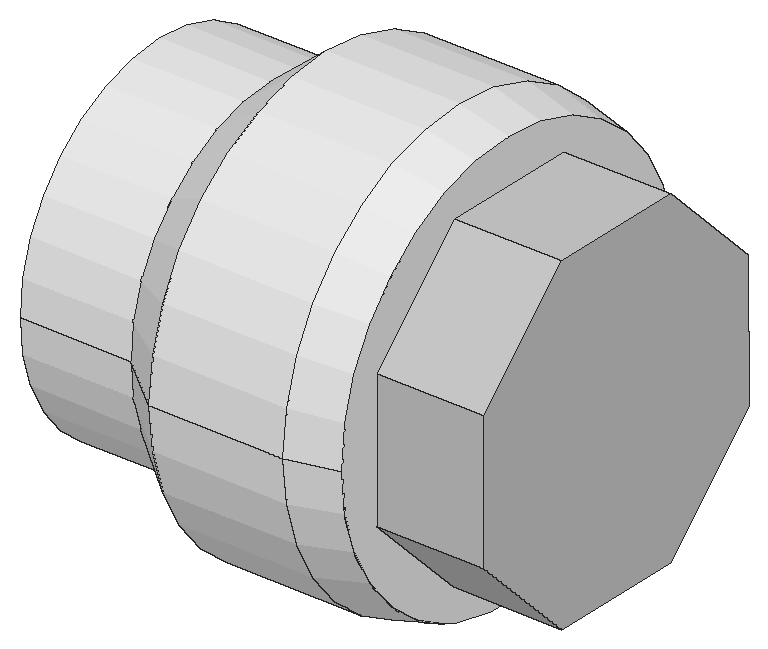
Revit family "PF_Переход [фитинг полипропиленовый - под ключ с переходом на внутреннюю резьбу VTp.706.0]1 - VALTEC", category Соединительные детали трубопроводов, Revit 2019
Family settings
  Размер круглого соединителя = Использовать диаметр
  Тип детали = Переход
  На основе рабочей плоскости = Нет
  Всегда вертикально = Да
  При загрузке вырезать с полостями = Нет
  Общий = Нет
Parameters (values of type "VTp.706.0")
  Таблица = "PF_Переход [фитинг полипропиленовый - под ключ с переходом на внутреннюю резьбу VTp.706.0] - VALTEC"  # constant formula
  built-in parameter 1114238 [instance] = (empty or 0)
  Материал доп.1 = Сталь, нержавеющая - VALTEC
  Manufacturer = ""
  l2 [instance] = size_lookup(Таблица, "l2", 0 mm, d1, d2)  # 0 mm
  l1 [instance] = size_lookup(Таблица, "l1", 0 mm, d1, d2)  # 0 mm
  x2 [instance] = if(dn1 < dn5, 1 mm, dn3)  # 1 mm
  dn6 [instance] = size_lookup(Таблица, "dn6", 0 mm, d1, d2)  # 40.7 mm
  dn5 [instance] = size_lookup(Таблица, "dn5", 0 mm, d1, d2)  # 51.5 mm
  dn4 [instance] = size_lookup(Таблица, "dn4", 0 mm, d1, d2)  # 54.5 mm
  dn3 [instance] = size_lookup(Таблица, "dn3", 0 mm, d1, d2)  # 54.5 mm
  dn2 [instance] = size_lookup(Таблица, "dn2", 0 mm, d1, d2)  # 43 mm
  x1 [instance] = if(dn1 < dn5, dn3, 1 mm)  # 54.5 mm
  dn1 [instance] = size_lookup(Таблица, "dn1", 0 mm, d1, d2)  # 43 mm
  d2 [instance] = 25 mm
  d1 [instance] = 32 mm
  a5 [instance] = size_lookup(Таблица, "a5", 0 mm, d1, d2)  # 13.3 mm
  a4 [instance] = size_lookup(Таблица, "a4", 0 mm, d1, d2)  # 6 mm
  a3 [instance] = size_lookup(Таблица, "a3", 0 mm, d1, d2)  # 16.5 mm
  a2 [instance] = size_lookup(Таблица, "a2", 0 mm, d1, d2)  # 6.9 mm
  a1 [instance] = size_lookup(Таблица, "a1", 0 mm, d1, d2)  # 13.6 mm
  URL = "https://valtec.ru/"
  B [instance] = size_lookup(Таблица, "B", 0 mm, d1, d2)  # 20.5 mm
  ADSK_Примечание [instance] = ""
  ADSK_Позиция [instance] = ""
  ADSK_Обозначение [instance] = "VTp.706.0"  # constant formula
  ADSK_Наименование [instance] = size_lookup(Таблица, "", "Данный типоразмер отсутствует", d1, d2)  # "Фитинг полипропиленовый под ключ с переходом на внутреннюю резьбу, 32 мм х 1\""
  ADSK_Материал = Полипропилен - RGB 255 255 255
  ADSK_Масса [instance] = size_lookup(Таблица, "Масса", 0, d1, d2)  # 0.139
  ADSK_Марка [instance] = size_lookup(Таблица, "Маркировка", "Данный типоразмер отсутствует", d1, d2)  # "32х1\""
  ADSK_Код изделия [instance] = size_lookup(Таблица, "Код продукта", "Данный типоразмер отсутствует", d1, d2)  # "VTp.706.0.03206"
  ADSK_Завод-изготовитель [instance] = "VALTEC"  # constant formula
  ADSK_Единица измерения [instance] = "шт."  # constant formula
  ADSK_URL страницы изделия = "https://valtec.ru/catalog/sistemy_polipropilenovyh_truboprovodov/polipropilenovye_fitingi/fiting_polipropilenovyj_pod_klyuch_s_perehodom_na_vnutrennyuyu_rezbu_vtp7060.html"
  ADSK_URL документации изделия = "https://valtec.ru/document/technical/VTp.700-fitingi-0419.pdf"
  A [instance] = size_lookup(Таблица, "A", 0 mm, d1, d2)  # 56.3 mm
Reference planes
  plane 1 "По центру (Вперед/Назад)": y = 0
  plane 2: z = 0
  plane 3 "По центру (Влево/Вправо)": x = 0
  plane 4: x = -28.15
  plane 5: x = 28.15
  plane 6: y = -27.25
  plane 7: y = 27.25
  plane 8: y = -0.5
  plane 9: y = 0.5
  plane 10: x = -28.15
  plane 11: x = -14.55
  plane 12: x = -7.65
  plane 13: x = 8.85
  plane 14: x = 14.85
  plane 15: x = 28.15
Forms (mm)
  Blend 1, solid, material "Полипропилен - RGB 255 255 255" <- "ADSK_Материал", detail levels medium+fine
    base sketch origin (0, 0, 0) x (0, 1, 0) y (0, 0, 1)
      loop
        circle (0, 0) r 21.5
    top sketch origin (0, 0, 0) x (0, 1, 0) y (0, 0, 1)
      loop
        circle (0, 0) r 21.5
    from -28.15 to -14.55
  Blend 2, solid, material "Полипропилен - RGB 255 255 255" <- "ADSK_Материал", detail levels medium+fine
    base sketch origin (0, 0, 0) x (0, 1, 0) y (0, 0, 1)
      loop
        circle (0, 0) r 21.5
    top sketch origin (0, 0, 0) x (0, 1, 0) y (0, 0, 1)
      loop
        circle (0, 0) r 27.25
    from -14.55 to -7.65
  Blend 3, solid, material "Полипропилен - RGB 255 255 255" <- "ADSK_Материал", detail levels medium+fine
    base sketch origin (0, 0, 0) x (0, 1, 0) y (0, 0, 1)
      loop
        circle (0, 0) r 27.25
    top sketch origin (0, 0, 0) x (0, 1, 0) y (0, 0, 1)
      loop
        circle (0, 0) r 27.25
    from -7.65 to 8.85
  Blend 4, solid, material "Полипропилен - RGB 255 255 255" <- "ADSK_Материал", detail levels medium+fine
    base sketch origin (0, 0, 0) x (0, 1, 0) y (0, 0, 1)
      loop
        circle (0, 0) r 27.25
    top sketch origin (0, 0, 0) x (0, 1, 0) y (0, 0, 1)
      loop
        circle (0, 0) r 25.75
    from 8.85 to 14.85
Cuts and joins
  joined: Blend 1, Blend 2, Blend 3, Blend 4
Lines and regions (mm)
  model lines, detail levels coarse
    curve 1: line (-28.15, 27.25, 0) -> (-28.15, -27.25, 0)
    curve 2: line (28.15, 0.5, 0) -> (28.15, -0.5, 0)
    curve 3: line (28.15, 0.5, 0) -> (-28.15, 27.25, 0)
    curve 4: line (-28.15, -27.25, 0) -> (28.15, -0.5, 0)
  reference lines
    curve 5: line (28.15, 0, 0) -> (-28.15, 0, 0)
Dimensions and locks
  equal spacing: plane 4, plane 3 "По центру (Влево/Вправо)", plane 5
  "A": plane 4 to plane 5
  equal spacing: plane 7, plane 1 "По центру (Вперед/Назад)", plane 6
  "x1": plane 7 to plane 6
  equal spacing: plane 8, plane 1 "По центру (Вперед/Назад)", plane 9
  "x2": plane 8 to plane 9
  "a1": plane 10 to plane 11
  "a2": plane 11 to plane 12
  "a3": plane 12 to plane 13
  "a4": plane 13 to plane 14
  "l1": plane 4 to plane 10
  "l2": plane 15 to plane 5
  "dn1": diameter of Blend 1 sketch curve
  "dn2": diameter of Blend 1 sketch curve
  "dn2": diameter of Blend 2 sketch curve
  "dn3": diameter of Blend 2 sketch curve
  "dn3": diameter of Blend 3 sketch curve
  "dn4": diameter of Blend 3 sketch curve
  "dn4": diameter of Blend 4 sketch curve
  "dn5": diameter of Blend 4 sketch curve
  aligned and locked: level to plane 2
  aligned and locked: level to Blend 1 sketch curve  (x2)
  aligned and locked: plane 1 "По центру (Вперед/Назад)" to Blend 1 sketch curve  (x2)
  aligned and locked: plane 11 to Blend 1
  aligned and locked: Blend 1 to plane 10
  aligned and locked: level to Blend 2 sketch curve  (x2)
  aligned and locked: plane 1 "По центру (Вперед/Назад)" to Blend 2 sketch curve  (x2)
  aligned and locked: Blend 2 to plane 11
  aligned and locked: plane 12 to Blend 2
  aligned and locked: level to Blend 3 sketch curve  (x2)
  aligned and locked: plane 1 "По центру (Вперед/Назад)" to Blend 3 sketch curve  (x2)
  aligned and locked: Blend 3 to plane 12
  aligned and locked: plane 13 to Blend 3
  aligned and locked: level to Blend 4 sketch curve  (x2)
  aligned and locked: plane 1 "По центру (Вперед/Назад)" to Blend 4 sketch curve  (x2)
  aligned and locked: Blend 4 to plane 13
  aligned and locked: plane 14 to Blend 4
  aligned and locked: plane 5 to curve 3
  aligned and locked: plane 9 to curve 2
  aligned and locked: plane 8 to curve 2
  aligned and locked: plane 4 to curve 4
  aligned and locked: plane 7 to curve 3
  aligned and locked: plane 6 to curve 1
  aligned and locked: curve 1 to plane 4
  aligned and locked: level to nested 1
  aligned and locked: nested 1 to plane 1 "По центру (Вперед/Назад)"
  aligned and locked: plane 15 to nested 1
  aligned and locked: curve 5 to plane 1 "По центру (Вперед/Назад)"
  aligned and locked: plane 4 to curve 5
  aligned and locked: plane 5 to curve 5
Nested families
  nested 1: "Гайка - горизонталь" at (21.5, 0, 0) x (1, 0, 0) z (0, 0.9239, 0.3827), l <- "a5", d <- "dn6", ADSK_Материал <- "Материал доп.1", type "Гайка - горизонталь", detail levels medium+fine
    with l 13.3 mm, d 40.7 mm, ADSK_Материал Сталь, нержавеющая - VALTEC
Connectors
  piping at (-28.15, 0, 0), diameter 32, driven by "d1"
    settings: on curve 5, index 1, connector inside diameter 609.6 mm, connector length 0 mm, flow factor 0, pipe flow 0.0 L/s, pressure drop 0.0 Pa, fitting loss kfactor 0, connector angle 0.00°, fixture units 0, engagement length 0 mm, angle of deflection 0.00°, flow configuration 0, flow direction 0, fitting loss method 0, system type 28, joint type 0, gender type 0, connector reference index 2, connector utility 0, adjustable connector no, is connector primary yes, connector description ""
  piping at (28.15, 0, 0), diameter 25, driven by "d2"
    settings: on curve 5, index 2, connector inside diameter 609.6 mm, connector length 0 mm, flow factor 0, pipe flow 0.0 L/s, pressure drop 0.0 Pa, fitting loss kfactor 0, connector angle 0.00°, fixture units 0, engagement length 0 mm, angle of deflection 0.00°, flow configuration 0, flow direction 0, fitting loss method 0, system type 28, joint type 0, gender type 0, connector reference index 1, connector utility 0, adjustable connector no, is connector primary no, connector description ""
Definition of nested family "Гайка - горизонталь"
  Parameters (values of type "Гайка - горизонталь")
    d [instance] = 588.881 mm
    l [instance] = 637.4 mm
    ADSK_Материал [instance] = none
  Reference planes
    plane 1 "По центру (Вперед/Назад)": y = 0
    plane 2: z = 0
    plane 3 "По центру (Влево/Вправо)": x = 0
    plane 4: y = 318.7
    plane 5: y = -318.7
    plane 6: through (0, -912.519, 2972.425) normal (0, -0.9239, -0.3827)
    plane 7: through (0, -1234.338, 2979.956) normal (0, -0.9239, -0.3827)
    plane 8: through (0, -1556.157, 2987.486) normal (0, -0.9239, -0.3827)
    plane 9: through (0, 1234.338, 2979.956) normal (0, -0.9239, 0.3827)
    plane 10: through (0, -2420.114, 1321.144) normal (0, -0.3827, -0.9239)
    plane 11: through (0, -2532.792, 1049.117) normal (0, -0.3827, -0.9239)
    plane 12: through (0, -2645.469, 777.089) normal (0, -0.3827, -0.9239)
    plane 13: through (0, 2420.114, 1321.144) normal (0, -0.3827, 0.9239)
    plane 14: through (0, 2532.792, 1049.117) normal (0, -0.3827, 0.9239)
    plane 15: through (0, 2645.469, 777.089) normal (0, -0.3827, 0.9239)
    plane 16: through (0, 912.519, 2972.425) normal (0, -0.9239, 0.3827)
    plane 17: through (0, 1234.338, 2979.956) normal (0, -0.9239, 0.3827)
    plane 18: through (0, 1556.157, 2987.486) normal (0, -0.9239, 0.3827)
    plane 19: x = 318.7
    plane 20: x = -318.7
  Forms (mm)
    Extrusion 1, solid, material <- "ADSK_Материал"
      sketch origin (0, 0, 0) x (0, 1, 0) y (0, 0, 1)
        loop
          line (0, 318.7) -> (-225.355, 225.355) -> (-318.7, 0) -> (-225.355, -225.355) -> (0, -318.7) -> (225.355, -225.355) -> (318.7, 0) -> (225.355, 225.355) -> (0, 318.7)
      from -318.7 to 318.7
  Lines and regions (mm)
    reference lines
      curve 1: line (0, -112.677, -272.027) -> (0, 112.677, 272.027)
      curve 2: line (0, -272.027, 112.677) -> (0, 272.027, -112.677)
  Dimensions and locks
    equal spacing: plane 4, plane 1 "По центру (Вперед/Назад)", plane 5
    locked: plane 4 to plane 5 at 637.4
    equal spacing: plane 8, plane 7, plane 6
    "d": plane 8 to plane 6
    equal spacing: plane 12, plane 11, plane 10
    "d": plane 12 to plane 10
    equal spacing: plane 15, plane 14, plane 13
    "d": plane 15 to plane 13
    equal spacing: plane 18, plane 17, plane 16
    "d": plane 18 to plane 16
    equal spacing: plane 20, plane 3 "По центру (Влево/Вправо)", plane 19
    "l": plane 20 to plane 19
    aligned and locked: level to plane 2
    aligned and locked: plane 10 to Extrusion 1 sketch curve
    aligned and locked: plane 13 to Extrusion 1 sketch curve
    aligned and locked: plane 16 to Extrusion 1 sketch curve
    aligned and locked: Extrusion 1 sketch curve to plane 8
    aligned and locked: Extrusion 1 sketch curve to plane 12
    aligned and locked: Extrusion 1 sketch curve to plane 15
    aligned and locked: Extrusion 1 sketch curve to plane 18
    aligned and locked: plane 6 to Extrusion 1 sketch curve
    aligned and locked: plane 19 to Extrusion 1
    aligned and locked: plane 20 to Extrusion 1
    aligned and locked: Extrusion 1 to plane 19
    aligned and locked: plane 16 to curve 2
    aligned and locked: plane 18 to curve 2
    aligned and locked: curve 2 to plane 11
    aligned and locked: plane 12 to curve 1
    aligned and locked: plane 10 to curve 1
    aligned and locked: curve 1 to plane 17
